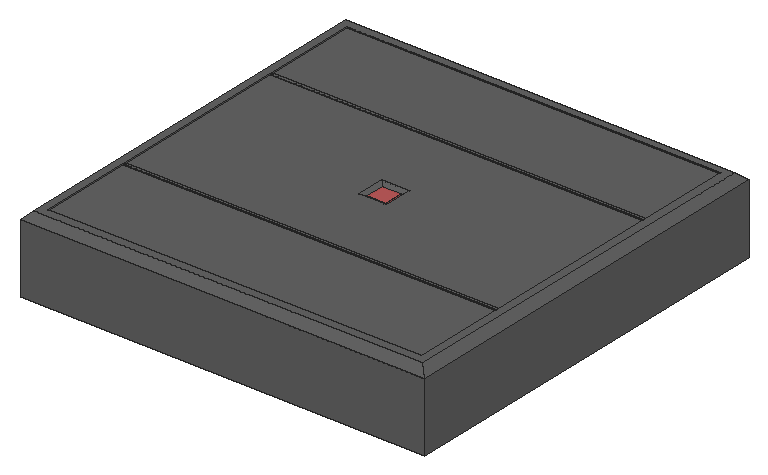
Revit family "Proximity Reader_P-900_Farpointe_R15", category Security Devices, host Face, Revit 2015
Parameters
  Width = 10.5"
  URL - Quick Start Guides [instance] = "http://farpointedata.com/downloads/qsg_and_ref/ProximityReaders_QSG.pdf"
  URL - Mounting Guides Letter Size [instance] = "http://farpointedata.com/downloads/mounting_guides/MountingGuide_P900_Ltr.pdf"
  URL - Mounting Guides A4 Size [instance] = "http://farpointedata.com/downloads/mounting_guides/MountingGuide_P900_A4.pdf"
  URL - Data Sheets [instance] = "http://farpointedata.com/downloads/datasheets/P900_TDS.pdf"
  URL - Bid Specifications [instance] = "http://farpointedata.com/downloads/bid_specs/Farpointe_Pyramid_Specification.docx"
  URL = "http://www.farpointedata.com/"
  Modeled By [instance] = "www.commensestudio.com"
  Model = "P-900 Proximity Reader"  # constant formula
  Manufacturer = "Farpointe Data"  # constant formula
  LED [instance] = LED
  Height = 10.5"
  Description = "Long-Range Proximity, Single/Double-Gang Wall Switch Box"  # constant formula
  Depth = 2"
  Default Elevation = 48"
  Cover [instance] = Cover
Reference planes (in)
  plane 1 "Center (Front/Back)": y = 0
  plane 2: z = 0
  plane 3 "Center (Left/Right)": x = 0
  plane 4: x = -5.25
  plane 5: x = 5.25
  plane 6: y = 5.25
  plane 7: y = -5.25
  plane 8: z = 2
Forms (in)
  Extrusion 1, solid, material "Cover" <- "Cover"
    sketch origin (0, 0, 1.3) x (1, 0, 0) y (0, 1, 0)
      loop
        line (-5.25, -5.25) -> (5.25, -5.25) -> (5.25, 5.25) -> (-5.25, 5.25) -> (-5.25, -5.25)
    from -1.3 to 0.5
  Blend 2, solid, material "Cover" <- "Cover"
    base sketch origin (0, 0, 1.3) x (1, 0, 0) y (0, 1, 0)
      loop
        line (-5.25, 5.25) -> (-5.25, -5.25) -> (5.25, -5.25) -> (5.25, 5.25) -> (-5.25, 5.25)
    top sketch origin (0, 0, 1.3) x (1, 0, 0) y (0, 1, 0)
      loop
        line (-5.05, 5.05) -> (-5.05, -5.05) -> (5.05, -5.05) -> (5.05, 5.05) -> (-5.05, 5.05)
    from 0.5 to 0.7
  Extrusion 3, solid, material "LED" <- "LED"
    sketch origin (0, 0, 1.3) x (1, 0, 0) y (0, 1, 0)
      loop
        line (0.25, -0.25) -> (0.25, 0.25) -> (-0.25, 0.25) -> (-0.25, -0.25) -> (0.25, -0.25)
    from 0.5 to 0.61661
  Blend 4, void
    base sketch origin (0, 0, 1.3) x (1, 0, 0) y (0, 1, 0)
      loop
        line (-0.25, 0.25) -> (-0.25, -0.25) -> (0.25, -0.25) -> (0.25, 0.25) -> (-0.25, 0.25)
    top sketch origin (0, 0, 1.3) x (1, 0, 0) y (0, 1, 0)
      loop
        line (-0.39738, 0.39738) -> (-0.39738, -0.39738) -> (0.39738, -0.39738) -> (0.39738, 0.39738) -> (-0.39738, 0.39738)
    from 0.6 to 0.7
  Extrusion 5, void
    sketch origin (0, 0, 1) x (1, 0, 0) y (0, 1, 0)
      loop
        line (-4.85, 4.85) -> (-4.85, 2.4125) -> (4.85, 2.4125) -> (4.85, 4.85) -> (-4.85, 4.85)
      loop
        line (-4.85, -4.85) -> (4.85, -4.85) -> (4.85, -2.4125) -> (-4.85, -2.4125) -> (-4.85, -4.85)
      loop
        line (-4.85, 2.3625) -> (-4.85, -2.3625) -> (4.85, -2.3625) -> (4.85, 2.3625) -> (-4.85, 2.3625)
    from 0.98 to 1.2
Cuts and joins
  Blend 4, Extrusion 5 cuts Blend 2
Dimensions and locks (in)
  equal spacing: plane 7, plane 1 "Center (Front/Back)", plane 6
  equal spacing: plane 4, plane 3 "Center (Left/Right)", plane 5
  "Height": plane 7 to plane 6
  "Width": plane 4 to plane 5
  "Depth": plane 8 to level
  aligned and locked: plane 2 to host face
  aligned and locked: level to host face
  aligned and locked: Blend 2 sketch curve to Extrusion 1
Automatic sketch dimensions
  host sketch curve to host sketch curve = 96"  (x2)
  plane 6 to Extrusion 1 sketch curve = 0"
  plane 4 to Extrusion 1 sketch curve = 0"
  Extrusion 1 sketch curve to plane 5 = 0"
  Extrusion 1 sketch curve to plane 7 = 0"
  Blend 2 sketch curve to plane 7 = 0.2"
  plane 4 to Blend 2 sketch curve = 0.2"
  Blend 2 sketch curve to plane 5 = 0.2"
  plane 6 to Blend 2 sketch curve = 0.2"
  Extrusion 3 sketch curve to plane 3 "Center (Left/Right)" = 0.25"
  plane 3 "Center (Left/Right)" to Extrusion 3 sketch curve = 0.25"
  plane 1 "Center (Front/Back)" to Extrusion 3 sketch curve = 0.25"
  Extrusion 3 sketch curve to plane 1 "Center (Front/Back)" = 0.25"
  Blend 4 sketch curve to plane 3 "Center (Left/Right)" = 0.25"
  plane 3 "Center (Left/Right)" to Blend 4 sketch curve = 0.25"
  plane 1 "Center (Front/Back)" to Blend 4 sketch curve = 0.25"
  Blend 4 sketch curve to plane 1 "Center (Front/Back)" = 0.25"
  Blend 4 sketch curve to plane 3 "Center (Left/Right)" = 0.39738"
  plane 3 "Center (Left/Right)" to Blend 4 sketch curve = 0.39738"
  plane 1 "Center (Front/Back)" to Blend 4 sketch curve = 0.39738"
  Blend 4 sketch curve to plane 1 "Center (Front/Back)" = 0.39738"
  Blend 2 sketch curve to plane 4 = 0"
  plane 7 to Blend 2 sketch curve = 0"
  plane 6 to Blend 2 sketch curve = 0"
  plane 4 to Extrusion 5 sketch curve = 0.4"  (x2)
  Extrusion 5 sketch curve to plane 5 = 0.4"
  Extrusion 5 sketch curve to plane 7 = 0.4"
  plane 6 to Extrusion 5 sketch curve = 0.4"
  Extrusion 5 sketch curve to Extrusion 5 sketch curve = 2.4375"
  Extrusion 5 sketch curve to Extrusion 5 sketch curve = 0.05"  (x2)
  Extrusion 5 sketch curve to Extrusion 5 sketch curve = 2.4875"
  Extrusion 5 sketch curve to Extrusion 5 sketch curve = 0"  (x3)
Connectors (in)
  electrical at (0, 0, 0)
    settings: index 3, voltage 0 V, apparent load 0 VA, apparent load phase1 0 VA, apparent load phase2 0 VA, apparent load phase3 0 VA, power factor 1, load classification "Other", number of poles 1, system type 10, power factor state 1, is connector primary yes, connector utility no, sub classification motor no, connector description ""
